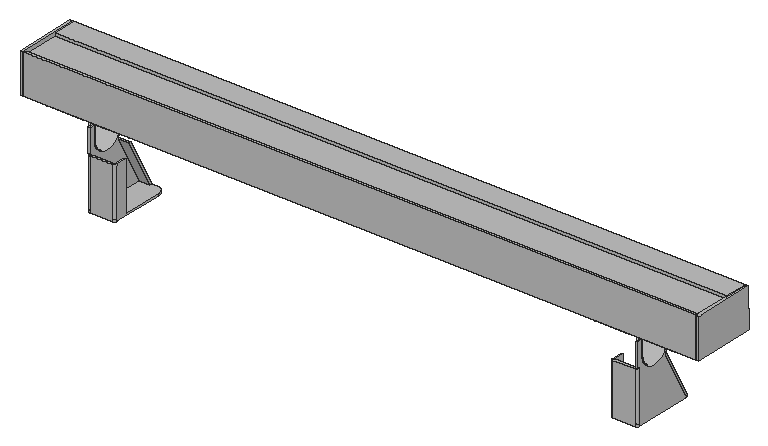
Revit family "4070749+4070747+4070771 Feilo Sylvania Lighting Fixtures CURSUS 591MM 435LM OVAL LED 4K with SINGLE WALL HOUSING with 70MM WALL BRACKET", category Lighting Fixtures, host Face, Revit 2017
Family settings
  Host = Face
  Round Connector Dimension = Use Diameter
  Part Type = Normal
  OmniClass Number = 23.80.70.14
  OmniClass Title = Luminaries for External Lighting
  Cut with Voids When Loaded = Yes
  Light Source = No
  Shared = No
  Room Calculation Point = No
Parameters (values of type "4070749 CURSUS 591MM 435LM OVAL LED 4K")
  Weight = "1.2 kg"
  Wattage Comments = "n/a"
  WarrantyStartDate [instance] = "n/a"
  WarrantyGuarantorParts = "n/a"
  WarrantyDurationUnit = "n/a"
  WarrantyDurationParts = "n/a"
  WarrantyDescription = "n/a"
  Voltage = 24 V
  URL = "http://www.sylvania-lighting.com"
  TypeName = "CURSUS 591MM 435LM OVAL LED 4K"
  TypeFixture_FEILO = CURSUS with SINGLE WALL HOUSING : CURSUS 591MM 435LM OVAL LED 4K
  Type Image = <None>
  Type Comments = "n/a"
  TiltAngle [instance] = 0.00°
  StartAngle [instance] = TiltAngle + 270.00°  # 270.00°
  SerialNumber [instance] = "n/a"
  ReflectorMaterial = none
  PowerFactor = 0
  PowerConsumption = "9 W"
  NominalLength = 591 mm
  NominalHeight = 50 mm
  NominalDepth = 30 mm
  Name = "CURSUS 591MM 435LM OVAL LED 4K"
  ModelReference = Name  # "CURSUS 591MM 435LM OVAL LED 4K"
  ModelNumber = "4070749"
  Model = Name  # "CURSUS 591MM 435LM OVAL LED 4K"
  Material = "natural anodised extruded aluminium structure housing, optical system with pmma lenses diffuser"
  ManufacturerName = "Feilo Sylvania"
  Manufacturer = "Feilo Sylvania"
  LuminousEfficacy = "48.33 lm/W"
  LuminaireType = ""
  LightOutputRatio = "100"
  LampsType = Lamp  # "LED"
  LampNominalLuminous = "435 lm"
  LampMacAdamStep = "n/a"
  LampColourTemperature = "4000 K"
  LampColourRenderingIndex = "80"
  Lamp = "LED"
  Keynote = "16500"
  InstallationDate [instance] = "n/a"
  InputVoltage = "24V DC"
  InputNominalFrequency = "n/a"
  IngressProtection = "IP67"
  ImpactProtectionIndex = "IK07"
  IfcExportType = "IfcLightFixtureType"
  IfcExportAs = "IfcLightFixtureType"
  ExpectedLife = 50000
  EndAngle [instance] = StartAngle - 180.00°  # 90.00°
  ElectricShockClassification = "Class III"
  DurationUnit = "hours"
  DocumentationLiterature = "http://www.sylvania-lighting.com/product/en-int/products/4070749"
  DimmingControlOptions = "n/a"
  DiffuserMaterial = Diffuser-Sylvania-Glow
  Description = "LED Exterior Lighting Recessed Surface Mounted Linear Fixture, Natural anodised extruded aluminium structure. Die-cast aluminium end caps. Installation kit with harmonic steel springs., 435 lm, 9W, 48lm/W, 4000K, CRI80+,non dimmable,IP67, IK07, (HxWxD) 591x50x30mm, 3 step Mac Adam Ellipse, 1.2kg,, Classe III, 21-25V-DC, energy class : A++, A+, A"
  Default Elevation = 1219.2 mm
  CreatedOn = "1/8/2018"
  CreatedBy = ""
  Cost = 0
  built-in parameter 1114216 [instance] = (empty or 0)
  ClassificationValue = "EF_70_80"
  ClassificationName = "Uniclass2015"
  BracketWidth = 24 mm
  BracketThickness = 2 mm
  BracketHeightEnd = 32 mm
  BracketHeight = 55 mm
  BracketFlange = BracketHeight / 5  # 11 mm
  BracketExtension = 70 mm
  BracketEndReduction = 25 mm
  BracketC = 22 mm  # constant formula
  BracketDistance = 460 mm
  BracketD = BracketHeightEnd - (BracketC * (BracketHeight - BracketHeightEnd) / (BracketExtension - BracketEndReduction))  # 20.756 mm
  BodyMaterial = Body-Sylvania-Gray
  BarCode [instance] = "n/a"
  AssetType = "Fixed"
  AssetIdentifier [instance] = "n/a"
  Assembly Code = "D5020200"
  Apparent Load = 9 VA
  AccessoryMaterial = Diffuser-Sylvania-Glow
Reference planes
  plane 1 "Center (Front/Back)": y = 0
  plane 2: z = 0
  plane 3 "Center (Left/Right)": x = 0
  plane 4: x = -242
  plane 5: x = 242
  plane 6: y = 55
  plane 7: x = -218
  plane 8: x = 218
  plane 9: z = 70
  plane 10: z = 56
  plane 11: z = 2
  plane 12: z = 45
  plane 13: x = -240
  plane 14: y = 53
  plane 15: y = 2
  plane 16: x = -220
  plane 17: x = 220
  plane 18: x = 240
  plane 19: x = -230
  plane 20: x = 230
  plane 21: y = 11
  plane 22: y = 32
  plane 23: y = 30
  plane 24: z = 67
  plane 25: y = 20.756
  plane 26: y = 16
Forms (mm)
  Blend 1, solid, material "Body-Sylvania-Gray" <- "BodyMaterial"
    base sketch origin (1223.4, -4572, 2) x (0, -1, 0) y (1, 0, 0)
      loop
        line (-4625, -1453.4) -> (-4627, -1453.4) -> (-4627, -1463.4)
        arc (-4627, -1463.4) -> (-4626.414, -1464.814) -> (-4625, -1465.4) r 2
        line (-4625, -1465.4) -> (-4574, -1465.4)
        arc (-4574, -1465.4) -> (-4572.586, -1464.814) -> (-4572, -1463.4) r 2
        line (-4572, -1463.4) -> (-4572, -1443.4)
        arc (-4572, -1443.4) -> (-4572.586, -1441.986) -> (-4574, -1441.4) r 2
        line (-4574, -1441.4) -> (-4583, -1441.4) -> (-4583, -1443.4) -> (-4574, -1443.4) -> (-4574, -1463.4) -> (-4625, -1463.4) -> (-4625, -1453.4)
    top sketch origin (1223.4, -4572, 2) x (0, -1, 0) y (1, 0, 0)
      loop
        line (-4583, -1443.4) -> (-4574, -1443.4) -> (-4574, -1463.4) -> (-4602, -1463.4) -> (-4602, -1453.4) -> (-4604, -1453.4) -> (-4604, -1463.4)
        arc (-4604, -1463.4) -> (-4603.52, -1464.71) -> (-4602.309, -1465.4) r 2.028
        line (-4602.309, -1465.4) -> (-4574, -1465.4)
        arc (-4574, -1465.4) -> (-4572.586, -1464.814) -> (-4572, -1463.4) r 2
        line (-4572, -1463.4) -> (-4572, -1443.4)
        arc (-4572, -1443.4) -> (-4572.586, -1441.986) -> (-4574, -1441.4) r 2
        line (-4574, -1441.4) -> (-4583, -1441.4) -> (-4583, -1443.4)
    from 0 to 43
  Extrusion 2, solid, material "Body-Sylvania-Gray" <- "BodyMaterial"
    sketch origin (0, 0, 0) x (1, 0, 0) y (0, 1, 0)
      loop
        arc (-240, 55) -> (-241.414, 54.414) -> (-242, 53) r 2
        line (-242, 53) -> (-242, 2)
        arc (-242, 2) -> (-241.414, 0.586) -> (-240, 0) r 2
        line (-240, 0) -> (-220, 0)
        arc (-220, 0) -> (-218.586, 0.586) -> (-218, 2) r 2
        line (-218, 2) -> (-218, 47.5)
        arc (-218, 47.5) -> (-220.197, 52.803) -> (-225.5, 55) r 7.5
        line (-225.5, 55) -> (-240, 55)
      loop
        line (240, 55) -> (225.5, 55)
        arc (225.5, 55) -> (220.197, 52.803) -> (218, 47.5) r 7.5
        line (218, 47.5) -> (218, 2)
        arc (218, 2) -> (218.586, 0.586) -> (220, 0) r 2
        line (220, 0) -> (240, 0)
        arc (240, 0) -> (241.414, 0.586) -> (242, 2) r 2
        line (242, 2) -> (242, 53)
        arc (242, 53) -> (241.414, 54.414) -> (240, 55) r 2
    from 0 to 2
  Blend 3, solid, material "Body-Sylvania-Gray" <- "BodyMaterial"
    base sketch origin (1223.4, -4572, 2) x (0, -1, 0) y (1, 0, 0)
      loop
        line (-4625, -983.4) -> (-4574, -983.4) -> (-4574, -1003.4) -> (-4583, -1003.4) -> (-4583, -1005.4) -> (-4574, -1005.4)
        arc (-4574, -1005.4) -> (-4572.586, -1004.814) -> (-4572, -1003.4) r 2
        line (-4572, -1003.4) -> (-4572, -983.4)
        arc (-4572, -983.4) -> (-4572.586, -981.986) -> (-4574, -981.4) r 2
        line (-4574, -981.4) -> (-4625, -981.4)
        arc (-4625, -981.4) -> (-4626.414, -981.986) -> (-4627, -983.4) r 2
        line (-4627, -983.4) -> (-4627, -993.4) -> (-4625, -993.4) -> (-4625, -983.4)
    top sketch origin (1223.4, -4572, 2) x (0, -1, 0) y (1, 0, 0)
      loop
        line (-4602, -993.4) -> (-4602, -983.4) -> (-4574, -983.4) -> (-4574, -1003.4) -> (-4583, -1003.4) -> (-4583, -1005.4) -> (-4574, -1005.4)
        arc (-4574, -1005.4) -> (-4572.586, -1004.814) -> (-4572, -1003.4) r 2
        line (-4572, -1003.4) -> (-4572, -983.4)
        arc (-4572, -983.4) -> (-4572.586, -981.986) -> (-4574, -981.4) r 2
        line (-4574, -981.4) -> (-4602, -981.4)
        arc (-4602, -981.4) -> (-4603.414, -981.986) -> (-4604, -983.4) r 2
        line (-4604, -983.4) -> (-4604, -993.4) -> (-4602, -993.4)
    from 0 to 43
  Blend 4, solid, material "Body-Sylvania-Gray" <- "BodyMaterial"
    base sketch origin (1223.4, -4572, 45) x (0, -1, 0) y (1, 0, 0)
      loop
        line (-4604, -1465.4) -> (-4572, -1465.4) -> (-4572, -1463.4) -> (-4604, -1463.4) -> (-4604, -1465.4)
    top sketch origin (1223.4, -4572, 45) x (0, -1, 0) y (1, 0, 0)
      loop
        line (-4572, -1465.4) -> (-4572, -1463.4) -> (-4592.756, -1463.4) -> (-4592.756, -1465.4) -> (-4572, -1465.4)
    from 0 to 22
  Blend 5, solid, material "Body-Sylvania-Gray" <- "BodyMaterial"
    base sketch origin (1223.4, -4572, 45) x (0, -1, 0) y (1, 0, 0)
      loop
        line (-4604, -983.4) -> (-4572, -983.4) -> (-4572, -981.4) -> (-4604, -981.4) -> (-4604, -983.4)
    top sketch origin (1223.4, -4572, 45) x (0, -1, 0) y (1, 0, 0)
      loop
        line (-4572, -981.4) -> (-4592.756, -981.4) -> (-4592.756, -983.4) -> (-4572, -983.4) -> (-4572, -981.4)
    from 0 to 22
  Extrusion 6, void
    sketch origin (0, 0, 0) x (0, 1, 0) y (0, 0, 1)
      loop
        line (0, 45) -> (2, 45) -> (2, 46.5) -> (0, 46.5) -> (0, 45)
      loop
        line (32, 45) -> (32, 46.5) -> (30, 46.5) -> (30, 45) -> (32, 45)
    from -242 to 242
  Revolve 7, solid, not visible
    sketch origin (1524, 16, 1219.2) x (1, 0, 0) y (0, 0, 1)
      loop
        line (-1524, -1152.2) -> (-1524, -1163.2) -> (-1294, -1163.2) -> (-1294, -1152.2) -> (-1524, -1152.2)
      axis (-1294, -1163.2) -> (-1524, -1163.2)
    angle from 270 <- "StartAngle" to 90 <- "EndAngle"
Cuts and joins
  Extrusion 6 cuts Blend 4
  Extrusion 6 cuts Blend 5
  joined: Blend 1, Extrusion 2, Blend 3, Blend 4, Blend 5
Lines and regions (mm)
  reference lines, not visible
    curve 1: line (-218, 16, 56) -> (218, 16, 56)
Dimensions and locks
  equal spacing: plane 4, plane 3 "Center (Left/Right)", plane 5
  "BracketDistance": plane 19 to plane 20
  "BracketHeight": plane 1 "Center (Front/Back)" to plane 6
  equal spacing: plane 7, plane 3 "Center (Left/Right)", plane 8
  "BracketWidth": plane 4 to plane 7
  "BracketExtension": plane 9 to plane 2
  "BracketThickness": plane 11 to plane 2
  "BracketEndReduction": plane 9 to plane 12
  equal spacing: plane 13, plane 3 "Center (Left/Right)", plane 18
  equal spacing: plane 16, plane 3 "Center (Left/Right)", plane 17
  "BracketThickness": plane 4 to plane 13
  "BracketThickness": plane 16 to plane 7
  "BracketThickness": plane 14 to plane 6
  "BracketThickness": plane 1 "Center (Front/Back)" to plane 15
  equal spacing: plane 4, plane 19, plane 7
  equal spacing: plane 8, plane 20, plane 5
  "BracketFlange": plane 1 "Center (Front/Back)" to plane 21
  "BracketHeightEnd": plane 1 "Center (Front/Back)" to plane 22
  "BracketThickness": plane 23 to plane 22
  locked: Extrusion 2 sketch curve to plane 7 at 7.5
  locked: Extrusion 2 sketch curve to plane 6 at 7.5  (x2)
  locked: plane 8 to Extrusion 2 sketch curve at 7.5
  "BracketC": plane 24 to plane 12
  "BracketD": plane 1 "Center (Front/Back)" to plane 25
  locked: plane 12 to Extrusion 6 sketch curve at 1.5
  equal spacing: plane 24, plane 10, plane 12
  equal spacing: plane 1 "Center (Front/Back)", plane 26, plane 22
  aligned and locked: plane 2 to host face
  aligned and locked: level to host face
  aligned and locked: plane 4 to Blend 1 sketch curve  (x2)
  aligned and locked: plane 13 to Blend 1 sketch curve  (x3)
  aligned and locked: Blend 1 sketch curve to plane 15
  aligned and locked: Blend 1 sketch curve to plane 16
  aligned and locked: Blend 1 sketch curve to plane 21
  aligned and locked: plane 7 to Blend 1 sketch curve
  aligned and locked: plane 16 to Blend 1 sketch curve
  aligned and locked: plane 1 "Center (Front/Back)" to Blend 1 sketch curve
  aligned and locked: plane 14 to Blend 1 sketch curve
  aligned and locked: Blend 1 sketch curve to var sketch  (x6)
  aligned and locked: Blend 1 sketch curve to plane 19
  aligned and locked: Blend 1 sketch curve to plane 22
  aligned and locked: plane 23 to Blend 1 sketch curve
  aligned and locked: plane 11 to Blend 1
  aligned and locked: Extrusion 2 sketch curve to Blend 1  (x3)
  aligned and locked: Extrusion 2 to level
  aligned and locked: Extrusion 2 to plane 11
  aligned and locked: Extrusion 2 sketch curve to plane 7
  aligned and locked: plane 18 to Blend 3 sketch curve  (x4)
  aligned and locked: plane 14 to Blend 3 sketch curve  (x2)
  aligned and locked: Blend 3 sketch curve to plane 20
  aligned and locked: Blend 3 sketch curve to plane 6
  aligned and locked: plane 5 to Blend 3 sketch curve
  aligned and locked: plane 1 "Center (Front/Back)" to Blend 3 sketch curve
  aligned and locked: plane 15 to Blend 3 sketch curve  (x2)
  aligned and locked: Blend 3 sketch curve to plane 8
  aligned and locked: Blend 3 sketch curve to plane 21
  aligned and locked: plane 17 to Blend 3 sketch curve
  aligned and locked: Blend 3 sketch curve to plane 18
  aligned and locked: plane 20 to Blend 3 sketch curve  (x2)
  aligned and locked: Blend 3 sketch curve to plane 23
  aligned and locked: Blend 3 sketch curve to var sketch  (x8)
  aligned and locked: var sketch to Blend 3 sketch curve
  aligned and locked: plane 22 to Blend 3 sketch curve
  aligned and locked: plane 11 to Blend 3
  aligned and locked: Extrusion 2 sketch curve to Blend 3  (x4)
  aligned and locked: Blend 1 to plane 12
  aligned and locked: Blend 3 to plane 12
  aligned and locked: Blend 4 sketch curve to plane 22
  aligned and locked: Blend 4 sketch curve to cut or joined group of Blend 1, Extrusion 2, Blend 3, Blend 4, Blend 5, Extrusion 6  (x2)
  aligned and locked: cut or joined group of Blend 1, Extrusion 2, Blend 3, Blend 4, Blend 5, Extrusion 6 to Blend 4 sketch curve
  aligned and locked: Blend 4 sketch curve to var sketch  (x2)
  aligned and locked: Blend 4 sketch curve to plane 13
  aligned and locked: Blend 4 to plane 24
  aligned and locked: Blend 4 sketch curve to plane 25
  aligned and locked: Blend 5 sketch curve to plane 18  (x2)
  aligned and locked: plane 1 "Center (Front/Back)" to Blend 5 sketch curve
  aligned and locked: plane 5 to Blend 5 sketch curve
  aligned and locked: plane 22 to Blend 5 sketch curve
  aligned and locked: Blend 5 sketch curve to var sketch
  aligned and locked: var sketch to Blend 5 sketch curve
  aligned and locked: Blend 5 sketch curve to plane 25
  aligned and locked: Blend 5 to plane 24
  aligned and locked: plane 12 to Blend 5
  aligned and locked: Extrusion 6 sketch curve to cut or joined group of Blend 1, Extrusion 2, Blend 3, Blend 4, Blend 5, Extrusion 6  (x2)
  aligned and locked: Extrusion 6 sketch curve to Extrusion 6 sketch curve
  aligned and locked: Extrusion 6 sketch curve to plane 15
  aligned and locked: plane 5 to Extrusion 6
  aligned and locked: Extrusion 6 to plane 4
  aligned and locked: Extrusion 6 sketch curve to plane 23
  aligned and locked: Revolve 7 sketch curve to plane 10  (x2)
  aligned and locked: plane 24 to Revolve 7 sketch curve
  aligned and locked: plane 3 "Center (Left/Right)" to Revolve 7 sketch curve
  aligned and locked: Revolve 7 sketch curve to plane 20
  aligned and locked: plane 7 to curve 1
  aligned and locked: plane 10 to curve 1
  aligned and locked: nested 1 to plane 5
  aligned and locked: nested 2 to plane 4
  aligned and locked: nested 1 to curve 1
  aligned and locked: nested 2 to curve 1
  aligned and locked: nested 1 to nested 3
  aligned and locked: nested 3 to plane 3 "Center (Left/Right)"
Automatic sketch dimensions
  host sketch curve to host sketch curve = 2438.4 mm  (x2)
  Blend 1 sketch curve to plane 13 = 0 mm
  plane 15 to Blend 1 sketch curve = 0 mm  (x3)
  Blend 1 sketch curve to plane 23 = 0.309 mm
  plane 6 to Blend 1 sketch curve = 0 mm
  plane 14 to Blend 1 sketch curve = 0 mm
  Blend 1 sketch curve to plane 19 = 0 mm
  Blend 3 sketch curve to plane 17 = 0 mm
  Extrusion 6 sketch curve to plane 1 "Center (Front/Back)" = 0 mm
  plane 12 to Extrusion 6 sketch curve = 0 mm
  Revolve 7 sketch curve to plane 4 = 1153 mm
  plane 5 to Revolve 7 sketch curve = 1161.4 mm
  curve 1 to plane 8 = 0 mm
Nested families
  nested 1: "MountingPlate" at (241, 16, 56) x (-1, 0, 0) z (0, 0, 1), type "MountingPlate"
  nested 2: "MountingPlate" at (-241, 16, 56) x (-1, 0, 0) z (0, 0, 1), type "MountingPlate"
  nested 3: "CURSUS with SINGLE WALL HOUSING" at (0, -4, 74) x (-1, 0, 0) z (0, 0, 1), type <- "TypeFixture_FEILO", type "CURSUS 591MM 435LM OVAL LED 4K"
    with WarrantyStartDate "n/a", SerialNumber "n/a", InstallationDate "n/a", EndCapRight yes, EndCapLeft yes, built-in parameter 1114216 (empty or 0), BarCode "n/a", AssetIdentifier "n/a"
Connectors
  electrical at (0, 0, 0), driven by "Voltage", driven by "Apparent Load", driven by "PowerFactor"
    settings: index 1, voltage 24 V, apparent load 9 VA, apparent load phase1 0 VA, apparent load phase2 0 VA, apparent load phase3 0 VA, power factor 0, load classification "Other", number of poles 1, system type 30, power factor state 1, is connector primary yes, connector utility no, sub classification motor no, connector description ""
Definition of nested family "MountingPlate"
  Parameters (values of type "MountingPlate")
    URL = "http://www.feilosylvania.com"
    Type Comments = "n/a"
    ReflectorMaterial = none
    MountingPlateWidth = 76 mm
    MountingPlateThickness = 2 mm
    MountingPlateRadiusBack = 12 mm
    MountingPlateRadius = 3 mm
    MountingPlateHeight = 35 mm
    Model = "n/a"
    Manufacturer = "Feilo Sylvania"
    Keynote = "n/a"
    DiffuserMaterial = none
    Description = "n/a"
    Default Elevation = 1219.2 mm
    Cost = 0
    BodyMaterial = none
    Assembly Code = "n/a"
    AccessoryMaterial = none
  Reference planes
    plane 1 "Center (Front/Back)": y = 0
    plane 2: z = 0
    plane 3 "Center (Left/Right)": x = 0
    plane 4: x = -38
    plane 5: x = 38
    plane 6: y = 17.5
    plane 7: y = -17.5
    plane 8: x = -3
    plane 9: x = 3
    plane 10: z = 18
    plane 11: z = 16
    plane 12: y = 12.5
    plane 13: y = -12.5
    plane 14: x = -1
    plane 15: x = 1
    plane 16: z = -12.5
    plane 17: z = -14.5
  Forms (mm)
    Extrusion 1, solid
      sketch origin (1.653, 0, 0) x (1, 0, 0) y (0, 1, 0)
        loop
          line (-1219.2, 1219.2) -> (-1219.2, -1219.2) -> (1219.2, -1219.2) -> (1219.2, 1219.2) -> (-1219.2, 1219.2)
      from 0 to -304.8
    Extrusion 2, solid, material <- "BodyMaterial"
      sketch origin (1218.4, -4572, 16) x (0, -1, 0) y (-1, 0, 0)
        loop
          line (-4589.5, 1253.4) -> (-4589.5, 1224.4)
          arc (-4589.5, 1224.4) -> (-4588.621, 1222.279) -> (-4586.5, 1221.4) r 3
          line (-4586.5, 1221.4) -> (-4557.5, 1221.4)
          arc (-4557.5, 1221.4) -> (-4555.379, 1222.279) -> (-4554.5, 1224.4) r 3
          line (-4554.5, 1224.4) -> (-4554.5, 1253.4)
          arc (-4554.5, 1253.4) -> (-4555.379, 1255.521) -> (-4557.5, 1256.4) r 3
          line (-4557.5, 1256.4) -> (-4586.5, 1256.4)
          arc (-4586.5, 1256.4) -> (-4588.621, 1255.521) -> (-4589.5, 1253.4) r 3
        loop
          arc (-4589.5, 1183.4) -> (-4588.621, 1181.279) -> (-4586.5, 1180.4) r 3
          line (-4586.5, 1180.4) -> (-4557.5, 1180.4)
          arc (-4557.5, 1180.4) -> (-4555.379, 1181.279) -> (-4554.5, 1183.4) r 3
          line (-4554.5, 1183.4) -> (-4554.5, 1212.4)
          arc (-4554.5, 1212.4) -> (-4555.379, 1214.521) -> (-4557.5, 1215.4) r 3
          line (-4557.5, 1215.4) -> (-4586.5, 1215.4)
          arc (-4586.5, 1215.4) -> (-4588.621, 1214.521) -> (-4589.5, 1212.4) r 3
          line (-4589.5, 1212.4) -> (-4589.5, 1183.4)
      from 0 to -2
    Extrusion 3, solid, material <- "BodyMaterial"
      sketch origin (0, 0, 0) x (1, 0, 0) y (0, 0, 1)
        loop
          line (-3, 18) -> (-3, -12.5) -> (-1, -12.5) -> (-1, 16)
          arc (-1, 16) -> (-1.586, 17.414) -> (-3, 18) r 2
        loop
          line (3, -12.5) -> (3, 18)
          arc (3, 18) -> (1.586, 17.414) -> (1, 16) r 2
          line (1, 16) -> (1, -12.5) -> (3, -12.5)
      from -12.5 to 12.5
    Extrusion 4, void
      sketch origin (0, 0, 0) x (0, 1, 0) y (0, 0, 1)
        loop
          line (-12.5, -0.5) -> (-17.5, -0.5) -> (-17.5, -14.5) -> (-0.5, -14.5) -> (-0.5, -12.5)
          arc (-0.5, -12.5) -> (-8.985, -8.985) -> (-12.5, -0.5) r 12
        loop
          line (0.5, -12.5) -> (0.5, -14.5) -> (17.5, -14.5) -> (17.5, -0.5) -> (12.5, -0.5)
          arc (12.5, -0.5) -> (8.985, -8.985) -> (0.5, -12.5) r 12
      from -3 to 3
  Cuts and joins
    Extrusion 4 cuts Extrusion 2
    Extrusion 4 cuts Extrusion 3
    joined: Extrusion 2, Extrusion 3
  Lines and regions (mm)
    reference lines
      curve 1: line (-38, 0, 0) -> (38, 0, 0)
  Dimensions and locks
    equal spacing: plane 4, plane 3 "Center (Left/Right)", plane 5
    "MountingPlateWidth": plane 4 to plane 5
    equal spacing: plane 7, plane 1 "Center (Front/Back)", plane 6
    "MountingPlateHeight": plane 7 to plane 6
    equal spacing: plane 8, plane 3 "Center (Left/Right)", plane 9
    "MountingPlateHeight": plane 4 to plane 8
    locked: plane 10 to plane 2 at 18
    "MountingPlateThickness": plane 10 to plane 11
    equal spacing: plane 13, plane 1 "Center (Front/Back)", plane 12
    locked: plane 13 to plane 12 at 25
    "MountingPlateRadius": plane 4 to Extrusion 2 sketch curve  (x2)
    "MountingPlateRadius": Extrusion 2 sketch curve to plane 6  (x4)
    "MountingPlateRadius": Extrusion 2 sketch curve to plane 8  (x2)
    "MountingPlateRadius": plane 7 to Extrusion 2 sketch curve  (x4)
    "MountingPlateRadius": plane 9 to Extrusion 2 sketch curve  (x2)
    "MountingPlateRadius": Extrusion 2 sketch curve to plane 5  (x2)
    equal spacing: plane 15, plane 3 "Center (Left/Right)", plane 14
    "MountingPlateThickness": plane 14 to plane 8
    locked: plane 2 to plane 16 at 12.5
    locked: plane 17 to plane 16 at 2
    "MountingPlateRadiusBack": plane 13 to Extrusion 4 sketch curve
    "MountingPlateRadiusBack": plane 16 to Extrusion 4 sketch curve  (x2)
    "MountingPlateRadiusBack": Extrusion 4 sketch curve to plane 12
    aligned and locked: plane 2 to Extrusion 1
    aligned and locked: level to Extrusion 1
    aligned and locked: Extrusion 2 sketch curve to plane 6
    aligned and locked: Extrusion 2 sketch curve to plane 4
    aligned and locked: plane 7 to Extrusion 2 sketch curve
    aligned and locked: plane 8 to Extrusion 2 sketch curve
    aligned and locked: plane 6 to Extrusion 2 sketch curve
    aligned and locked: Extrusion 2 sketch curve to plane 5
    aligned and locked: Extrusion 2 sketch curve to plane 7
    aligned and locked: plane 9 to Extrusion 2 sketch curve
    aligned and locked: Extrusion 2 to plane 10
    aligned and locked: plane 11 to Extrusion 2
    aligned and locked: Extrusion 3 sketch curve to Extrusion 2  (x2)
    aligned and locked: plane 16 to Extrusion 3 sketch curve  (x2)
    aligned and locked: plane 14 to Extrusion 3 sketch curve
    aligned and locked: plane 9 to Extrusion 3 sketch curve
    aligned and locked: plane 15 to Extrusion 3 sketch curve
    aligned and locked: Extrusion 3 to plane 12
    aligned and locked: plane 13 to Extrusion 3
    aligned and locked: plane 17 to Extrusion 4 sketch curve  (x2)
    aligned and locked: Extrusion 4 sketch curve to plane 7
    aligned and locked: Extrusion 4 sketch curve to plane 6
    aligned and locked: plane 9 to Extrusion 4
    aligned and locked: Extrusion 4 to plane 8
    aligned and locked: plane 4 to curve 1
    aligned and locked: curve 1 to level
  Automatic sketch dimensions
    Extrusion 1 sketch curve to Extrusion 1 sketch curve = 2438.4 mm  (x2)
    Extrusion 3 sketch curve to plane 11 = 0 mm
    curve 1 to plane 5 = 0 mm
    Extrusion 4 sketch curve to plane 13 = 0 mm
    Extrusion 4 sketch curve to plane 12 = 0 mm
Definition of nested family "CURSUS with SINGLE WALL HOUSING"
  Parameters (values of type "CURSUS 1161MM 827LM OVAL LED 3K")
    Width_FEILO = 35 mm
    Weight = "2.2 kg"
    Wattage Comments = "n/a"
    Wattage = 18 W
    WarrantyStartDate [instance] = "n/a"
    WarrantyGuarantorParts = "n/a"
    WarrantyDurationUnit = "n/a"
    WarrantyDurationParts = "n/a"
    WarrantyDescription = "n/a"
    WallThickness_FEILO = 2.5 mm
    built-in parameter 1150110 = 1 (stored number, unit not read)
    Voltage = 24 V
    URL = "http://www.feilosylvania.com"
    TypeName = "CURSUS 1161MM 827LM OVAL LED 3K"
    Type Image = (empty or 0)
    Type Comments = "n/a"
    built-in parameter 1114217 = 1 (stored number, unit not read)
    Tilt Angle = -90.00°
    built-in parameter 1150109 = 1 (stored number, unit not read)
    built-in parameter 1150134 = (empty or 0)
    built-in parameter 1150113 = 1 (stored number, unit not read)
    SerialNumber [instance] = "n/a"
    ReflectorMaterial = none
    PowerFactor = 0
    PowerConsumption = "18 W"
    Photometric Web File = "4070765.ies"
    NominalLength = 1161 mm
    NominalHeight = 50 mm
    NominalDepth = 30 mm
    Name = "CURSUS 1161MM 827LM OVAL LED 3K"
    ModelReference = Name  # "CURSUS 1161MM 827LM OVAL LED 3K"
    ModelNumber = ""
    Model = Name  # "CURSUS 1161MM 827LM OVAL LED 3K"
    Material = "natural anodised extruded aluminium structure housing, optical system with pmma lenses diffuser"
    ManufacturerName = "Feilo Sylvania"
    Manufacturer = "Feilo Sylvania"
    LuminousEfficacy = "45.94 lm/W"
    built-in parameter 1150105 = 1166.5 (stored number, unit not read)
    Lumens = 827 lm
    LuminaireType = ""
    built-in parameter 1150115 = 1 (stored number, unit not read)
    LightOutputRatio = "100"
    built-in parameter 1150137 = (empty or 0)
    built-in parameter 1150139 = (empty or 0)
    Length_FEILO = 1167 mm
    LampsType = Lamp  # "LED"
    LampNominalLuminous = "827 lm"
    LampMacAdamStep = "n/a"
    LampColourTemperature = "3000 K"
    LampColourRenderingIndex = "80"
    built-in parameter 1150112 = 1 (stored number, unit not read)
    built-in parameter 1150114 = 1 (stored number, unit not read)
    Lamp = "LED"
    Keynote = "16500"
    InstallationDate [instance] = "n/a"
    InputVoltage = "24V DC"
    InputNominalFrequency = "n/a"
    built-in parameter 1150132 = (empty or 0)
    built-in parameter 1150102 = (empty or 0)
    built-in parameter 1150107 = 3000 (stored number, unit not read)
    built-in parameter 1150138 = (empty or 0)
    IngressProtection = "IP67"
    ImpactProtectionIndex = "IK07"
    built-in parameter 1150106 = 11.665 (stored number, unit not read)
    IfcExportType = "IfcLightFixtureType"
    IfcExportAs = "IfcLightFixtureType"
    ExpectedLife = 50000
    EndCapRight [instance] = yes
    EndCapLeft [instance] = yes
    Emit from Rectangle Width = Width_FEILO - WallThickness_FEILO * 2  # 30 mm
    Emit from Rectangle Length = Length_FEILO - WallThickness_FEILO * 2  # 1162 mm
    Emit Shape Visible in Rendering = no
    ElectricShockClassification = "Class III"
    built-in parameter 1150104 = 4.2684 (stored number, unit not read)
    DurationUnit = "hours"
    DocumentationLiterature = "http://www.feilosylvania.com/product/en-int/products/4070765"
    DimmingControlOptions = "n/a"
    Dimming Lamp Color Temperature Shift = (empty or 0)
    DiffuserMaterial = none
    Description = "LED Exterior Lighting Recessed Surface Mounted Linear Fixture, Natural anodised extruded aluminium structure. Die-cast aluminium end caps. Installation kit with harmonic steel springs., 827 lm, 18W, 45lm/W, 3000K, CRI80+,non dimmable,IP67, IK07, (HxWxD) 1161x50x30mm, 3 step Mac Adam Ellipse, 2.2kg,, Classe III, 21-25V-DC, energy class : A++, A+, A"
    Default Elevation = 1219.2 mm
    CreatedOn = "1/8/2018"
    CreatedBy = "aron.fodor@feilosylvania.com"
    Cost = 0
    Color Filter = 16777215
    built-in parameter 1114216 [instance] = (empty or 0)
    ClassificationValue = "EF_70_80"
    ClassificationName = "Uniclass2015"
    BodyMaterial = none
    BarCode [instance] = "n/a"
    built-in parameter 1114218 = 1 (stored number, unit not read)
    built-in parameter 1150133 = 10 (stored number, unit not read)
    AssetType = "Fixed"
    AssetIdentifier [instance] = "n/a"
    Assembly Code = "D5020200"
    Apparent Load = 18 VA
    AccessoryMaterial = none
  Types (16, lengths in mm): name | Weight | Wattage | Voltage | TypeName | built-in parameter 1150134 | PowerConsumption | Photometric Web File | NominalLength | Name | ModelReference | Model | Material | LuminousEfficacy | built-in parameter 1150105 | Lumens | Length_FEILO | LampNominalLuminous | LampColourTemperature | InputVoltage | InputNominalFrequency | built-in parameter 1150107 | built-in parameter 1150106 | Emit from Rectangle Length | built-in parameter 1150104 | DocumentationLiterature | Description | Apparent Load
    CURSUS 1161MM 827LM OVAL LED 3K | "2.2 kg" | 18 W | 24 V | "CURSUS 1161MM 827LM OVAL LED 3K" | (empty or 0) | "18 W" | "4070765.ies" | 1161 | "CURSUS 1161MM 827LM OVAL LED 3K" | "CURSUS 1161MM 827LM OVAL LED 3K" | "CURSUS 1161MM 827LM OVAL LED 3K" | "natural anodised extruded aluminium structure housing, optical system with pmma lenses diffuser" | "45.94 lm/W" | 1166.5 (stored number, unit not read) | 827 lm | 1167 | "827 lm" | "3000 K" | "24V DC" | "n/a" | 3000 (stored number, unit not read) | 11.665 (stored number, unit not read) | 1162 | 4.2684 (stored number, unit not read) | "http://www.feilosylvania.com/product/en-int/products/4070765" | "LED Exterior Lighting Recessed Surface Mounted Linear Fixture, Natural anodised extruded aluminium structure. Die-cast aluminium end caps. Installation kit with harmonic steel springs., 827 lm, 18W, 45lm/W, 3000K, CRI80+,non dimmable,IP67, IK07, (HxWxD) 1161x50x30mm, 3 step Mac Adam Ellipse, 2.2kg,, Classe III, 21-25V-DC, energy class : A++, A+, A" | 18 VA
    CURSUS 1161MM 731LM WIDE LED 3K | "2.2 kg" | 18 W | 230 V | "CURSUS 1161MM 731LM WIDE LED 3K" | (empty or 0) | "18 W" | "4070764.ies" | 1161 | "CURSUS 1161MM 731LM WIDE LED 3K" | "CURSUS 1161MM 731LM WIDE LED 3K" | "CURSUS 1161MM 731LM WIDE LED 3K" | "natural anodised extruded aluminium structure housing" | "40.61 lm/W" | 403.47 (stored number, unit not read) | 731 lm | 1167 | "731 lm" | "3000 K" | "220-240V~" | "n/a" | 3000 (stored number, unit not read) | 4.0347 (stored number, unit not read) | 1162 | 3.7729 (stored number, unit not read) | "http://www.feilosylvania.com/product/en-int/products/4070764" | "LED Exterior Lighting Recessed Surface Mounted Linear Fixture, Natural anodised extruded aluminium structure. Die-cast aluminium end caps. Installation kit with harmonic steel springs., 731 lm, 18W, 40lm/W, 3000K, CRI80+,non dimmable,IP67, IK07, (HxWxD) 1161x50x30mm, 3 step Mac Adam Ellipse, 2.2kg,, Classe III, 21-25V-DC, energy class : A++, A+, A" | 18 VA
    CURSUS 1161MM 871LM OVAL LED 4K | "2.2 kg" | 18 W | 24 V | "CURSUS 1161MM 871LM OVAL LED 4K" | 12 | "18 W" | "4070763.ies" | 1161 | "CURSUS 1161MM 871LM OVAL LED 4K" | "CURSUS 1161MM 871LM OVAL LED 4K" | "CURSUS 1161MM 871LM OVAL LED 4K" | "natural anodised extruded aluminium structure housing, optical system with pmma lenses diffuser" | "48.38 lm/W" | 1192.8 (stored number, unit not read) | 871 lm | 1167 | "871 lm" | "4000 K" | "24V DC" | "50/60 Hz" | 4000 (stored number, unit not read) | 11.928 (stored number, unit not read) | 1162 | 4.4955 (stored number, unit not read) | "http://www.feilosylvania.com/product/en-int/products/4070763" | "LED Exterior Lighting Recessed Surface Mounted Linear Fixture, Natural anodised extruded aluminium structure. Die-cast aluminium end caps. Installation kit with harmonic steel springs., 871 lm, 18W,  48lm/W, 4000K, CRI80+,non dimmable,IP67, IK07, (HxWxD) 1161x50x30mm, 3 step Mac Adam Ellipse, 2.2kg,, Classe III, 21-25V-DC, energy class : A++, A+, A" | 18 VA
    CURSUS 1161MM 770LM WIDE LED 4K | "2.2 kg" | 18 W | 230 V | "CURSUS 1161MM 770LM WIDE LED 4K" | 12 | "18 W" | "4070762.ies" | 1161 | "CURSUS 1161MM 770LM WIDE LED 4K" | "CURSUS 1161MM 770LM WIDE LED 4K" | "CURSUS 1161MM 770LM WIDE LED 4K" | "natural anodised extruded aluminium structure housing" | "42.77 lm/W" | 424.94 (stored number, unit not read) | 770 lm | 1167 | "770 lm" | "4000 K" | "220-240V~" | "n/a" | 4000 (stored number, unit not read) | 4.2494 (stored number, unit not read) | 1162 | 3.9742 (stored number, unit not read) | "http://www.feilosylvania.com/product/en-int/products/4070762" | "LED Exterior Lighting Recessed Surface Mounted Linear Fixture, Natural anodised extruded aluminium structure. Die-cast aluminium end caps. Installation kit with harmonic steel springs., 770 lm, 18W,  42lm/W, 4000K, CRI80+,non dimmable,IP67, IK07, (HxWxD) 1161x50x30mm, 3 step Mac Adam Ellipse, 2.2kg,, Classe III, 21-25V-DC, energy class : A++, A+, A" | 18 VA
    CURSUS 876MM 620LM OVAL LED 3K | "1.7 kg" | 13.5 W | 24 V | "CURSUS 876MM 620LM OVAL LED 3K" | (empty or 0) | "13.5 W" | "4070758.ies" | 876 | "CURSUS 876MM 620LM OVAL LED 3K" | "CURSUS 876MM 620LM OVAL LED 3K" | "CURSUS 876MM 620LM OVAL LED 3K" | "natural anodised extruded aluminium structure housing, optical system with pmma lenses diffuser" | "45.92 lm/W" | 874.55 (stored number, unit not read) | 620 lm | 882 | "620 lm" | "3000 K" | "24V DC" | "50/60 Hz" | 3000 (stored number, unit not read) | 8.7455 (stored number, unit not read) | 877 | 4.2667 (stored number, unit not read) | "http://www.feilosylvania.com/product/en-int/products/4070758" | "LED Exterior Lighting Recessed Surface Mounted Linear Fixture, Natural anodised extruded aluminium structure. Die-cast aluminium end caps. Installation kit with harmonic steel springs., 620 lm, 13,5W, 45lm/W, 3000K, CRI80+,non dimmable,IP67, IK07, (HxWxD) 876x50x30mm, 3 step Mac Adam Ellipse, 1.7kg,, Classe III, 21-25V-DC, energy class : A++, A+, A" | 13.5 VA
    CURSUS 876MM 548LM WIDE LED 3K | "1.7 kg" | 13.5 W | 24 V | "CURSUS 876MM 548LM WIDE LED 3K" | (empty or 0) | "13.5 W" | "4070757.ies" | 876 | "CURSUS 876MM 548LM WIDE LED 3K" | "CURSUS 876MM 548LM WIDE LED 3K" | "CURSUS 876MM 548LM WIDE LED 3K" | "natural anodised extruded aluminium structure housing" | "40.59 lm/W" | 302.47 (stored number, unit not read) | 548 lm | 882 | "548 lm" | "3000 K" | "24V DC" | "n/a" | 3000 (stored number, unit not read) | 3.0247 (stored number, unit not read) | 877 | 3.7712 (stored number, unit not read) | "http://www.feilosylvania.com/product/en-int/products/4070757" | "LED Exterior Lighting Recessed Surface Mounted Linear Fixture, Natural anodised extruded aluminium structure. Die-cast aluminium end caps. Installation kit with harmonic steel springs., 548 lm, 13,5W, 40lm/W, 3000K, CRI80+,non dimmable,IP67, IK07, (HxWxD) 876x50x30mm, 3 step Mac Adam Ellipse, 1.7kg,, Classe III, 21-25V-DC, energy class : A++, A+, A" | 13.5 VA
    CURSUS 876MM 653LM OVAL LED 4K | "1.7 kg" | 13.5 W | 24 V | "CURSUS 876MM 653LM OVAL LED 4K" | 12 | "13.5 W" | "4070756.ies" | 876 | "CURSUS 876MM 653LM OVAL LED 4K" | "CURSUS 876MM 653LM OVAL LED 4K" | "CURSUS 876MM 653LM OVAL LED 4K" | "natural anodised extruded aluminium structure housing, optical system with pmma lenses diffuser" | "48.37 lm/W" | 894.28 (stored number, unit not read) | 653 lm | 882 | "653 lm" | "4000 K" | "24V DC" | "n/a" | 4000 (stored number, unit not read) | 8.9428 (stored number, unit not read) | 877 | 4.4938 (stored number, unit not read) | "http://www.feilosylvania.com/product/en-int/products/4070756" | "LED Exterior Lighting Recessed Surface Mounted Linear Fixture, Natural anodised extruded aluminium structure. Die-cast aluminium end caps. Installation kit with harmonic steel springs., 653 lm, 13,5W,  48lm/W, 4000K, CRI80+,non dimmable,IP67, IK07, (HxWxD) 876x50x30mm, 3 step Mac Adam Ellipse, 1.7kg,, Classe III, 21-25V-DC, energy class : A++, A+, A" | 13.5 VA
    CURSUS 876MM 577LM WIDE LED 4K | "1.7 kg" | 13.5 W | 24 V | "CURSUS 876MM 577LM WIDE LED 4K" | 12 | "13.5 W" | "4070755.ies" | 876 | "CURSUS 876MM 577LM WIDE LED 4K" | "CURSUS 876MM 577LM WIDE LED 4K" | "CURSUS 876MM 577LM WIDE LED 4K" | "natural anodised extruded aluminium structure housing" | "42.74 lm/W" | 318.43 (stored number, unit not read) | 577 lm | 882 | "577 lm" | "4000 K" | "24V DC" | "n/a" | 4000 (stored number, unit not read) | 3.1843 (stored number, unit not read) | 877 | 3.9707 (stored number, unit not read) | "http://www.feilosylvania.com/product/en-int/products/4070755" | "LED Exterior Lighting Recessed Surface Mounted Linear Fixture, Natural anodised extruded aluminium structure. Die-cast aluminium end caps. Installation kit with harmonic steel springs., 577 lm, 13,5W,  42lm/W, 4000K, CRI80+,non dimmable,IP67, IK07, (HxWxD) 876x50x30mm, 3 step Mac Adam Ellipse, 1.7kg,, Classe III, 21-25V-DC, energy class : A++, A+, A" | 13.5 VA
    CURSUS 591MM 414LM OVAL LED 3K | "1.2 kg" | 9 W | 24 V | "CURSUS 591MM 414LM OVAL LED 3K" | (empty or 0) | "9 W" | "4070751.ies" | 591 | "CURSUS 591MM 414LM OVAL LED 3K" | "CURSUS 591MM 414LM OVAL LED 3K" | "CURSUS 591MM 414LM OVAL LED 3K" | "natural anodised extruded aluminium structure housing, optical system with pmma lenses diffuser" | "46 lm/W" | 583.97 (stored number, unit not read) | 414 lm | 597 | "414 lm" | "3000 K" | "24V DC" | "n/a" | 3000 (stored number, unit not read) | 5.8397 (stored number, unit not read) | 592 | 4.2735 (stored number, unit not read) | "http://www.feilosylvania.com/product/en-int/products/4070751" | "LED Exterior Lighting Recessed Surface Mounted Linear Fixture, Natural anodised extruded aluminium structure. Die-cast aluminium end caps. Installation kit with harmonic steel springs., 414 lm, 9W, 46lm/W, 3000K, CRI80+,non dimmable,IP67, IK07, (HxWxD) 591x50x30mm, 3 step Mac Adam Ellipse, 1.2kg,, Classe III, 21-25V-DC, energy class : A++, A+, A" | 9 VA
    CURSUS 591MM 365LM WIDE LED 3K | "1.2 kg" | 9 W | 24 V | "CURSUS 591MM 365LM WIDE LED 3K" | (empty or 0) | "9 W" | "4070750.ies" | 591 | "CURSUS 591MM 365LM WIDE LED 3K" | "CURSUS 591MM 365LM WIDE LED 3K" | "CURSUS 591MM 365LM WIDE LED 3K" | "natural anodised extruded aluminium structure housing" | "40.55 lm/W" | 201.45 (stored number, unit not read) | 365 lm | 597 | "365 lm" | "3000 K" | "24V DC" | "n/a" | 3000 (stored number, unit not read) | 2.0145 (stored number, unit not read) | 592 | 3.7677 (stored number, unit not read) | "http://www.feilosylvania.com/product/en-int/products/4070750" | "LED Exterior Lighting Recessed Surface Mounted Linear Fixture, Natural anodised extruded aluminium structure. Die-cast aluminium end caps. Installation kit with harmonic steel springs., 365 lm, 9W, 40lm/W, 3000K, CRI80+,non dimmable,IP67, IK07, (HxWxD) 591x50x30mm, 3 step Mac Adam Ellipse, 1.2kg,, Classe III, 21-25V-DC, energy class : A++, A+, A" | 9 VA
    CURSUS 591MM 435LM OVAL LED 4K | "1.2 kg" | 9 W | 24 V | "CURSUS 591MM 435LM OVAL LED 4K" | 12 | "9 W" | "4070749.ies" | 591 | "CURSUS 591MM 435LM OVAL LED 4K" | "CURSUS 591MM 435LM OVAL LED 4K" | "CURSUS 591MM 435LM OVAL LED 4K" | "natural anodised extruded aluminium structure housing, optical system with pmma lenses diffuser" | "48.33 lm/W" | 595.73 (stored number, unit not read) | 435 lm | 597 | "435 lm" | "4000 K" | "24V DC" | "n/a" | 4000 (stored number, unit not read) | 5.9573 (stored number, unit not read) | 592 | 4.4903 (stored number, unit not read) | "http://www.feilosylvania.com/product/en-int/products/4070749" | "LED Exterior Lighting Recessed Surface Mounted Linear Fixture, Natural anodised extruded aluminium structure. Die-cast aluminium end caps. Installation kit with harmonic steel springs., 435 lm, 9W, 48lm/W, 4000K, CRI80+,non dimmable,IP67, IK07, (HxWxD) 591x50x30mm, 3 step Mac Adam Ellipse, 1.2kg,, Classe III, 21-25V-DC, energy class : A++, A+, A" | 9 VA
    CURSUS 591MM 385LM WIDE LED 4K | "1.2 kg" | 9 W | 24 V | "CURSUS 591MM 385LM WIDE LED 4K" | 12 | "9 W" | "4070748.ies" | 591 | "CURSUS 591MM 385LM WIDE LED 4K" | "CURSUS 591MM 385LM WIDE LED 4K" | "CURSUS 591MM 385LM WIDE LED 4K" | "natural anodised extruded aluminium structure housing" | "42.77 lm/W" | 212.47 (stored number, unit not read) | 385 lm | 597 | "385 lm" | "4000 K" | "24V DC" | "n/a" | 4000 (stored number, unit not read) | 2.1247 (stored number, unit not read) | 592 | 3.9742 (stored number, unit not read) | "http://www.feilosylvania.com/product/en-int/products/4070748" | "LED Exterior Lighting Recessed Surface Mounted Linear Fixture, Natural anodised extruded aluminium structure. Die-cast aluminium end caps. Installation kit with harmonic steel springs., 385 lm, 9W,  42lm/W, 4000K, CRI80+,non dimmable,IP67, IK07, (HxWxD) 591x50x30mm, 3 step Mac Adam Ellipse, 1.2kg,, Classe III, 21-25V-DC, energy class : A++, A+, A" | 9 VA
    CURSUS 306MM 207LM OVAL LED3K | "0.6 kg" | 4.5 W | 24 V | "CURSUS 306MM 207LM OVAL LED3K" | (empty or 0) | "4.5 W" | "4070744.ies" | 306 | "CURSUS 306MM 207LM OVAL LED3K" | "CURSUS 306MM 207LM OVAL LED3K" | "CURSUS 306MM 207LM OVAL LED3K" | "natural anodised extruded aluminium structure housing, optical system with pmma lenses diffuser" | "46 lm/W" | 291.98 (stored number, unit not read) | 207 lm | 312 | "207 lm" | "3000 K" | "24V DC" | "n/a" | 3000 (stored number, unit not read) | 2.9198 (stored number, unit not read) | 307 | 4.2735 (stored number, unit not read) | "http://www.feilosylvania.com/product/en-int/products/4070744" | "LED Exterior Lighting Recessed Surface Mounted Linear Fixture, Natural anodised extruded aluminium structure. Die-cast aluminium end caps. Installation kit with harmonic steel springs., 207 lm, 4,5W, 46lm/W, 3000K, CRI80+,non dimmable,IP67, IK07, (HxWxD) 306x50x30mm, 3 step Mac Adam Ellipse, 0.6kg,, Classe III, 21-25V-DC, energy class : A++, A+, A" | 4.5 VA
    CURSUS 306MM 183LM WIDE LED 3K | "0.6 kg" | 4.5 W | 24 V | "CURSUS 306MM 183LM WIDE LED 3K" | (empty or 0) | "4.5 W" | "4070743.ies" | 306 | "CURSUS 306MM 183LM WIDE LED 3K" | "CURSUS 306MM 183LM WIDE LED 3K" | "CURSUS 306MM 183LM WIDE LED 3K" | "natural anodised extruded aluminium structure housing" | "40.66 lm/W" | 101.01 (stored number, unit not read) | 183 lm | 312 | "183 lm" | "3000 K" | "24V DC" | "n/a" | 3000 (stored number, unit not read) | 1.0101 (stored number, unit not read) | 307 | 3.7781 (stored number, unit not read) | "http://www.feilosylvania.com/product/en-int/products/4070743" | "LED Exterior Lighting Recessed Surface Mounted Linear Fixture, Natural anodised extruded aluminium structure. Die-cast aluminium end caps. Installation kit with harmonic steel springs., 183 lm, 4,5W, 40lm/W, 3000K, CRI80+,non dimmable,IP67, IK07, (HxWxD) 306x50x30mm, 3 step Mac Adam Ellipse, 0.6kg,, Classe III, 21-25V-DC, energy class : A++, A+, A" | 4.5 VA
    CURSUS 306MM 218LM OVAL LED 4K | "0.6 kg" | 4.5 W | 24 V | "CURSUS 306MM 218LM OVAL LED 4K" | 12 | "4.5 W" | "4070742.ies" | 306 | "CURSUS 306MM 218LM OVAL LED 4K" | "CURSUS 306MM 218LM OVAL LED 4K" | "CURSUS 306MM 218LM OVAL LED 4K" | "natural anodised extruded aluminium structure housing, optical system with pmma lenses diffuser" | "48.44 lm/W" | 298.55 (stored number, unit not read) | 218 lm | 312 | "218 lm" | "4000 K" | "24V DC" | "n/a" | 4000 (stored number, unit not read) | 2.9855 (stored number, unit not read) | 307 | 4.5006 (stored number, unit not read) | "http://www.feilosylvania.com/product/en-int/products/4070742" | "LED Exterior Lighting Recessed Surface Mounted Linear Fixture, Natural anodised extruded aluminium structure. Die-cast aluminium end caps. Installation kit with harmonic steel springs., 218 lm, 4,5W,  48lm/W, 4000K, CRI80+,non dimmable,IP67, IK07, (HxWxD) 306x50x30mm, 3 step Mac Adam Ellipse, 0.6kg,, Classe III, 21-25V-DC, energy class : A++, A+, A" | 4.5 VA
    CURSUS 306MM 192LM WIDE LED 4K | "0.6 kg" | 4.5 W | 24 V | "CURSUS 306MM 192LM WIDE LED 4K" | 12 | "4.5 W" | "4070741.ies" | 306 | "CURSUS 306MM 192LM WIDE LED 4K" | "CURSUS 306MM 192LM WIDE LED 4K" | "CURSUS 306MM 192LM WIDE LED 4K" | "natural anodised extruded aluminium structure housing" | "42.66 lm/W" | 105.96 (stored number, unit not read) | 192 lm | 312 | "192 lm" | "4000 K" | "24V DC" | "n/a" | 4000 (stored number, unit not read) | 1.0596 (stored number, unit not read) | 307 | 3.9639 (stored number, unit not read) | "http://www.feilosylvania.com/product/en-int/products/4070741" | "LED Exterior Lighting Recessed Surface Mounted Linear Fixture, Natural anodised extruded aluminium structure. Die-cast aluminium end caps. Installation kit with harmonic steel springs., 192 lm, 4,5W,  42lm/W, 4000K, CRI80+,non dimmable,IP67, IK07, (HxWxD) 306x50x30mm, 3 step Mac Adam Ellipse, 0.6kg,, Classe III, 21-25V-DC, energy class : A++, A+, A" | 4.5 VA
  Reference planes
    plane 1 "Center (Front/Back)": y = 0
    plane 2: z = 0
    plane 3 "Center (Left/Right)": x = 0
    plane 4: x = 583.5
    plane 5: x = -583.5
    plane 6: x = -581
    plane 7: x = 581
    plane 8: z = 35
    plane 9: z = 17.5
    plane 10: z = 32.5
    plane 11: z = 2.5
    plane 12: z = 30
    plane 13: z = 5
    plane 14: y = -55
    plane 15: y = -53
    plane 16: y = -2.5
    plane 17: y = -37
    plane 18: y = -34.5
  Forms (mm)
    Extrusion 1, solid
      sketch origin (4.2, 0, 0) x (1, 0, 0) y (0, 1, 0)
        loop
          line (-1219.2, 1219.2) -> (-1219.2, -1219.2) -> (1219.2, -1219.2) -> (1219.2, 1219.2) -> (-1219.2, 1219.2)
      from 0 to -304.8
    Extrusion 2, solid, material <- "BodyMaterial"
      sketch origin (0, 0, 0) x (0, 1, 0) y (0, 0, 1)
        loop
          line (0, 35) -> (-2.5, 35) -> (-2.5, 32.5) -> (-34.5, 32.5) -> (-34.5, 35) -> (-55, 35) -> (-55, 32.5) -> (-37, 32.5) -> (-37, 30) -> (-2.5, 30) -> (-2.5, 5) -> (-37, 5) -> (-37, 2.5) -> (-55, 2.5) -> (-55, 0) -> (-34.5, 0) -> (-34.5, 2.5) -> (-2.5, 2.5) -> (-2.5, 0) -> (0, 0) -> (0, 35)
      from -581 to 581
    Extrusion 3, solid, material <- "DiffuserMaterial"
      sketch origin (0, 0, 0) x (0, 1, 0) y (0, 0, 1)
        loop
          line (-37, 32.5) -> (-55, 32.5) -> (-55, 19.5) -> (-53, 17.5) -> (-55, 15.5) -> (-55, 2.5) -> (-37, 2.5) -> (-37, 32.5)
      from -581 to 581
    Extrusion 4, solid, material <- "BodyMaterial", visible <- "EndCapRight"
      sketch origin (581, 1524, 1219.2) x (0, 1, 0) y (0, 0, 1)
        loop
          line (-1579, -1184.2) -> (-1579, -1219.2) -> (-1524, -1219.2) -> (-1524, -1184.2) -> (-1579, -1184.2)
      from 0 to 2.5
    Extrusion 5, solid, material <- "BodyMaterial", visible <- "EndCapLeft"
      sketch origin (-581, 1524, 1219.2) x (0, 1, 0) y (0, 0, 1)
        loop
          line (-1579, -1184.2) -> (-1579, -1219.2) -> (-1524, -1219.2) -> (-1524, -1184.2) -> (-1579, -1184.2)
      from -2.5 to 0
  Dimensions and locks
    equal spacing: plane 5, plane 3 "Center (Left/Right)", plane 4
    "Length_FEILO": plane 5 to plane 4
    equal spacing: plane 6, plane 3 "Center (Left/Right)", plane 7
    "WallThickness_FEILO": plane 5 to plane 6
    locked: plane 9 to plane 2 at 17.5
    locked: plane 8 to plane 2 at 35
    equal spacing: plane 11, plane 9, plane 10
    equal spacing: plane 13, plane 9, plane 12
    "WallThickness_FEILO": plane 12 to plane 10
    locked: plane 14 to plane 15 at 2
    locked: plane 14 to plane 17 at 18
    "WallThickness_FEILO": plane 17 to plane 18
    "WallThickness_FEILO": plane 16 to plane 1 "Center (Front/Back)"
    locked: plane 15 to Extrusion 3 sketch curve (angle 45.00°)
    locked: Extrusion 3 sketch curve to plane 15 (angle 45.00°)
    aligned and locked: plane 2 to Extrusion 1
    aligned and locked: level to Extrusion 1
    aligned and locked: plane 1 "Center (Front/Back)" to Extrusion 2 sketch curve
    aligned and locked: Extrusion 2 sketch curve to plane 8  (x2)
    aligned and locked: plane 16 to Extrusion 2 sketch curve
    aligned and locked: Extrusion 1 to Extrusion 2 sketch curve
    aligned and locked: Extrusion 2 sketch curve to plane 16  (x2)
    aligned and locked: Extrusion 2 sketch curve to plane 11
    aligned and locked: plane 18 to Extrusion 2 sketch curve
    aligned and locked: level to Extrusion 2 sketch curve
    aligned and locked: plane 11 to Extrusion 2 sketch curve
    aligned and locked: Extrusion 2 sketch curve to plane 17
    aligned and locked: plane 13 to Extrusion 2 sketch curve
    aligned and locked: Extrusion 2 sketch curve to plane 12
    aligned and locked: plane 10 to Extrusion 2 sketch curve  (x2)
    aligned and locked: plane 17 to Extrusion 2 sketch curve  (x2)
    aligned and locked: plane 12 to Extrusion 2 sketch curve
    aligned and locked: Extrusion 2 sketch curve to plane 10
    aligned and locked: Extrusion 2 sketch curve to plane 18
    aligned and locked: plane 7 to Extrusion 2
    aligned and locked: Extrusion 2 to plane 6
    aligned and locked: Extrusion 3 sketch curve to Extrusion 2  (x4)
    aligned and locked: Extrusion 2 to Extrusion 3 sketch curve
    aligned and locked: plane 9 to Extrusion 3 sketch curve
    aligned and locked: plane 7 to Extrusion 3
    aligned and locked: Extrusion 3 to plane 6
    aligned and locked: Extrusion 4 sketch curve to Extrusion 2  (x4)
    aligned and locked: plane 4 to Extrusion 4
    aligned and locked: Extrusion 4 to plane 7
    aligned and locked: Extrusion 5 sketch curve to Extrusion 4  (x3)
    aligned and locked: Extrusion 5 sketch curve to Extrusion 2
    aligned and locked: Extrusion 5 to plane 5
    aligned and locked: plane 6 to Extrusion 5
    aligned and locked: plane 14 to imposter light
    aligned and locked: imposter light to plane 9
    aligned and locked: plane 3 "Center (Left/Right)" to imposter light
  Automatic sketch dimensions
    Extrusion 1 sketch curve to Extrusion 1 sketch curve = 2438.4 mm  (x2)
    Extrusion 2 sketch curve to plane 14 = 0 mm  (x2)
    Extrusion 3 sketch curve to plane 15 = 0 mm
  Connectors
    electrical at (0, 0, 0), driven by "Apparent Load", driven by "PowerFactor", driven by "Voltage"
      settings: index 1, voltage 24 V, apparent load 18 VA, apparent load phase1 0 VA, apparent load phase2 0 VA, apparent load phase3 0 VA, power factor 0, load classification none, number of poles 1, system type 30, power factor state 1, is connector primary yes, connector utility no, sub classification motor no, connector description ""
